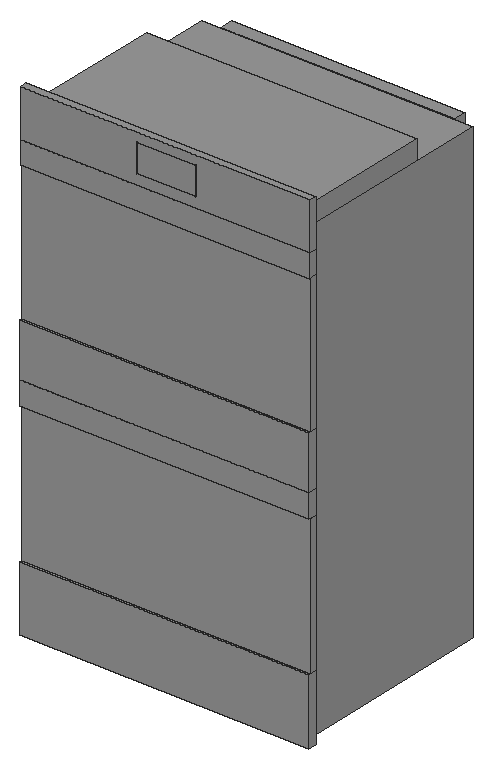
Revit family "DO30CMSS", category Generic Models, Revit 2015
Parameters
  URL = "www.yepsketch.com"
  Model = "DO30CMSS"
  Manufacturer = "SUBZERO WOLF"
  Author = "Yepsketch"
Reference planes
  plane 1 "Center (Front/Back)": y = 0
  plane 2: z = 0
  plane 3 "Center (Left/Right)": x = 0
  plane 4: y = -584
  plane 5: x = 759
  plane 6: z = 1254
  plane 7: y = -218
Forms (mm)
  Extrusion 1, solid, material "stainless steel"
    sketch origin (0, 0, 0) x (1, 0, 0) y (0, 1, 0)
      loop
        line (23.027, -35.107) -> (23.027, -584) -> (732.799, -584) -> (732.799, -35.107) -> (23.027, -35.107)
    from 0 to 1202.822
  Extrusion 2, solid, material "stainless steel"
    sketch origin (0, 0, 0) x (1, 0, 0) y (0, 1, 0)
      loop
        line (72.556, -35.107) -> (684.871, -35.107) -> (684.871, 0) -> (72.556, 0) -> (72.556, -35.107)
    from 0 to 1202.822
  Extrusion 3, solid, material "stainless steel"
    sketch origin (0, 0, 0) x (0, 1, 0) y (0, 0, 1)
      loop
        line (-218, 1202.822) -> (-218, 1254) -> (-584, 1254) -> (-584, 1202.822) -> (-218, 1202.822)
    from 23.027 to 732.799
  Extrusion 4, solid, material "stainless steel"
    sketch origin (0, 0, 0) x (0, 1, 0) y (0, 0, 1)
      loop
        line (-604.384, 172.944) -> (-604.384, 0) -> (-584, 0) -> (-584, 172.944) -> (-604.384, 172.944)
    from 0 to 759
  Extrusion 5, solid, material "stainless steel"
    sketch origin (0, 0, 0) x (0, 1, 0) y (0, 0, 1)
      loop
        line (-604.091, 600.032) -> (-604.091, 538.196) -> (-584, 538.196) -> (-584, 600.032) -> (-604.091, 600.032)
    from 0 to 759
  Extrusion 6, solid, material "stainless steel"
    sketch origin (0, 0, 0) x (0, 1, 0) y (0, 0, 1)
      loop
        line (-604.091, 600.032) -> (-584, 600.032) -> (-584, 741.557) -> (-604.091, 741.557) -> (-604.091, 600.032)
    from 0 to 759
  Extrusion 7, solid, material "stainless steel"
    sketch origin (0, 0, 0) x (0, 1, 0) y (0, 0, 1)
      loop
        line (-602.049, 1102.989) -> (-584, 1102.989) -> (-584, 1163.631) -> (-602.049, 1163.631) -> (-602.049, 1102.989)
    from 0 to 759
  Extrusion 8, solid, material "stainless steel"
    sketch origin (0, 0, 0) x (1, 0, 0) y (0, 0, 1)
      loop
        line (0, 1288.389) -> (0, 1163.631) -> (759, 1163.631) -> (759, 1288.389) -> (0, 1288.389)
      loop
        line (305.725, 1264.851) -> (305.725, 1189.851) -> (459.691, 1189.851) -> (459.691, 1264.851) -> (305.725, 1264.851)
    from 584 to 602.049
  Extrusion 9, solid, material "Acetal Resin, Black"
    sketch origin (0, 0, 0) x (1, 0, 0) y (0, 0, 1)
      loop
        line (0, 1102.989) -> (0, 741.557) -> (759, 741.557) -> (759, 1102.989) -> (0, 1102.989)
      loop
        line (0, 538.196) -> (0, 172.944) -> (759, 172.944) -> (759, 538.196) -> (0, 538.196)
    from 584 to 599.359
  Extrusion 10, solid, material "Acetal Resin, Black"
    sketch origin (0, 0, 0) x (1, 0, 0) y (0, 0, 1)
      loop
        line (305.725, 1264.851) -> (305.725, 1189.851) -> (459.691, 1189.851) -> (459.691, 1264.851) -> (305.725, 1264.851)
    from 584 to 602.049
Dimensions and locks
  aligned and locked: plane 2 to level
